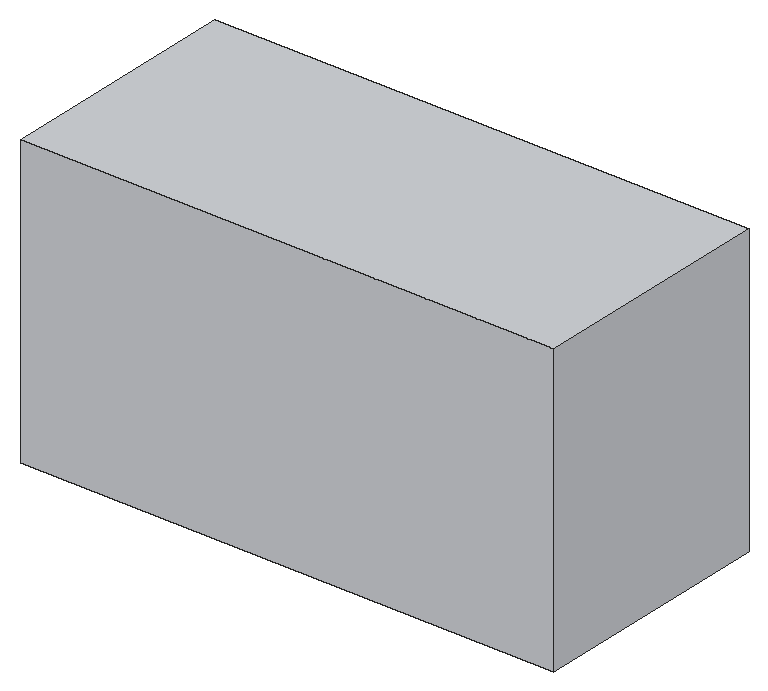
Revit family "CVC_CTA_VIM_CAD-O-INTEGRAL", category Equipement de génie climatique, Revit 2026
Family settings
  Cote de connecteur circulaire = Utiliser le diamètre
  Type d'élément = Normal
  Basée sur le plan de construction = Non
  Toujours verticalement = Oui
  Couper avec des vides une fois chargée = Non
  Conserver l'orientation des annotations = Non
  Partagée = Non
  Repère de localisation dans la pièce = Non
Parameters (values of type "CTA 5 - zone commune")
  Source = "CCTP lot 12 § 4.11"
  Modèle = "CAD O INTEGRAL"
  Fabricant = "VIM"
  Elévation par défaut = 0 mm
  Description = "CTA double flux locaux communs, roue de récupération"
  Caractéristiques CCTP = "8 800 m3/h, débit variable, arrêt la nuit"
  A vérifier = "Dimensions approximatives (3500x1600x1900 mm) : prendre la fiche VIM"
Reference planes
  plane 1 "Centre (avant/arrière)": y = 0
  plane 2: z = 0
  plane 3 "Centre (gauche/droite)": x = 0
Forms (mm)
  Extrusion 1, solid
    sketch origin (0, 0, 0) x (1, 0, 0) y (0, 1, 0)
      loop
        line (-1750, -800) -> (1750, -800) -> (1750, 800) -> (-1750, 800) -> (-1750, -800)
    from 0 to 1900
  Extrusion 2, solid
    sketch origin (0, 0, 1900) x (1, 0, 0) y (0, 1, 0)
      loop
        line (-1500, -700) -> (-700, -700) -> (-700, -200) -> (-1500, -200) -> (-1500, -700)
    from 0 to 80
  Extrusion 3, solid
    sketch origin (0, 0, 1900) x (1, 0, 0) y (0, 1, 0)
      loop
        line (-1500, 200) -> (-700, 200) -> (-700, 700) -> (-1500, 700) -> (-1500, 200)
    from 0 to 80
  Extrusion 4, solid
    sketch origin (0, 0, 1900) x (1, 0, 0) y (0, 1, 0)
      loop
        line (700, 200) -> (1500, 200) -> (1500, 700) -> (700, 700) -> (700, 200)
    from 0 to 80
  Extrusion 5, solid
    sketch origin (0, 0, 1900) x (1, 0, 0) y (0, 1, 0)
      loop
        line (700, -700) -> (1500, -700) -> (1500, -200) -> (700, -200) -> (700, -700)
    from 0 to 80
  Extrusion 6, solid
    sketch origin (0, 0, 1900) x (1, 0, 0) y (0, 1, 0)
      loop
        circle (0, -500) r 20
    from 0 to 60
  Extrusion 7, solid
    sketch origin (0, 0, 1900) x (1, 0, 0) y (0, 1, 0)
      loop
        circle (0, 500) r 20
    from 0 to 60
Dimensions and locks
  aligned and locked: level to plane 2
Connectors
  hvac at (-1100, -450, 1980)
    settings: on Extrusion 2, index 1, duct flow 0.0 L/s, flow factor 0, pres drop 0.0 Pa, loss coef 0, conn angle 0.00°, conn width 800 mm, conn height 500 mm, conn diameter 609.6 mm, duct sys type 4, conn prof type 1, flow config 0, flow direction 0, loss method 0, conn ref index -1, conn util no, is conn primary yes, conn desc "Air neuf"
  hvac at (-1100, 450, 1980)
    settings: on Extrusion 3, index 2, duct flow 0.0 L/s, flow factor 0, pres drop 0.0 Pa, loss coef 0, conn angle 0.00°, conn width 800 mm, conn height 500 mm, conn diameter 609.6 mm, duct sys type 1, conn prof type 1, flow config 0, flow direction 0, loss method 0, conn ref index -1, conn util no, is conn primary no, conn desc "Soufflage"
  hvac at (1100, 450, 1980)
    settings: on Extrusion 4, index 3, duct flow 0.0 L/s, flow factor 0, pres drop 0.0 Pa, loss coef 0, conn angle 0.00°, conn width 800 mm, conn height 500 mm, conn diameter 609.6 mm, duct sys type 2, conn prof type 1, flow config 0, flow direction 0, loss method 0, conn ref index -1, conn util no, is conn primary no, conn desc "Reprise"
  hvac at (1100, -450, 1980)
    settings: on Extrusion 5, index 4, duct flow 0.0 L/s, flow factor 0, pres drop 0.0 Pa, loss coef 0, conn angle 0.00°, conn width 800 mm, conn height 500 mm, conn diameter 609.6 mm, duct sys type 3, conn prof type 1, flow config 0, flow direction 0, loss method 0, conn ref index -1, conn util no, is conn primary no, conn desc "Rejet"
  piping at (0, -500, 1960), diameter 40
    settings: on Extrusion 6, index 5, connector inside diameter 609.6 mm, connector length 0 mm, flow factor 0, pipe flow 0.0 L/s, pressure drop 0.0 Pa, fitting loss kfactor 0, connector angle 0.00°, fixture units 0, engagement length 0 mm, angle of deflection 0.00°, flow configuration 0, flow direction 0, fitting loss method 0, system type 7, joint type 0, gender type 0, connector reference index -1, connector utility 0, adjustable connector no, is connector primary yes, connector description "Batterie depart"
  piping at (0, 500, 1960), diameter 40
    settings: on Extrusion 7, index 6, connector inside diameter 609.6 mm, connector length 0 mm, flow factor 0, pipe flow 0.0 L/s, pressure drop 0.0 Pa, fitting loss kfactor 0, connector angle 0.00°, fixture units 0, engagement length 0 mm, angle of deflection 0.00°, flow configuration 0, flow direction 0, fitting loss method 0, system type 8, joint type 0, gender type 0, connector reference index -1, connector utility 0, adjustable connector no, is connector primary no, connector description "Batterie retour"
